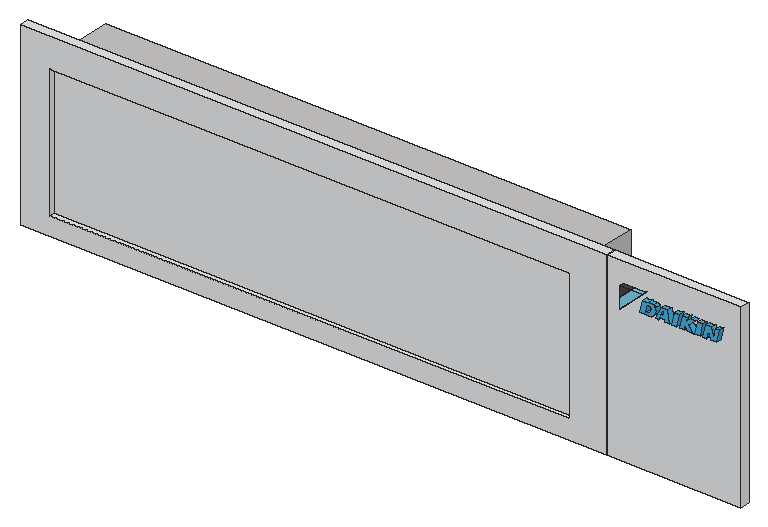
Revit family "outputfile", category 制気口, Revit 2024
Family settings
  丸型コネクタ寸法 = 直径を使用
  パーツ タイプ = 標準
  OmniClass 番号 = 23.75.70.21.27.11
  OmniClass タイトル = Diffusers, Registers, and Grilles
  作業面ベース = いいえ
  常に垂直 = はい
  ロード時にボイドで切り取り = いいえ
  注釈の向きを維持 = いいえ
  共有 = いいえ
  部屋計算ポイント = いいえ
Parameters (values of type "FPDAQ25APVM")
  Description = ""
  製造元 = "Daikin"
  書き出し IFC クラス(タイプ) = "IfcAirTerminalType"
  Default Elevation = 0 mm
  定義済み IFC タイプ(タイプ) = "GRILLE"
  Cost = 0
  モデル = "FPDAQ25APVM"
  Type Comments = ""
  Keynote = ""
  Type Image = (empty or 0)
  Assembly Code = ""
  Width = 722 mm
  Version = "ver.1.0"
  Unit Type = "3D Air Flow Ceiling Mounted Duct Type"
  Unit Designation [instance] = ""
  Uniclass2015Version = "Products v1.35"
  Uniclass2015Title = "Air grilles"
  Uniclass2015Code = "Pr_70_65_04_03"
  URL = ""
  Series = "VRV Fan Coil Unit"
  SA Duct Size Width = 456 mm
  SA Duct Size Height = 141 mm
  Material_Grille = DAIKIN_FreshWhite_Panel_indoorunit
  IfcVersion = ""
  IfcExportType = "GRILLE"
  IfcExportAs = "IfcAirTerminalType"
  Height = 180 mm
  FCU Tag No. [instance] = ""
  Design Supply Airflow [instance] = 0.00 m³/h
  Depth = 70 mm
Reference planes
  plane 1 "Center (Front/Back)": y = 0
  plane 2: z = 90
  plane 3 "Center (Left/Right)": x = 10
  plane 4: x = 371
  plane 5: x = 237
  plane 6: x = -351
  plane 7: z = -90
  plane 8: z = -90
  plane 9: z = -75
  plane 10: x = 304
  plane 11: x = -321
  plane 12 "Center (Elevation)": z = 0
  plane 13: y = -10
  plane 14: y = -5
  plane 15: y = 60
  plane 16: z = 70.5
  plane 17: x = 205
  plane 18: z = 60
  plane 19: z = -23
  plane 20: z = -70.5
  plane 21: x = 308.5
  plane 22: x = 268
  plane 23: x = -58
Forms (mm)
  Extrusion 1, solid, material "DAIKIN_FreshWhite_Panel_indoorunit" <- "Material_Grille"
    sketch origin (10, 0, 0) x (0, 1, 0) y (0, 0, 1)
      loop
        line (0, 90) -> (-10, 90) -> (-10, -90) -> (0, -90) -> (0, 90)
    from 227 to 361
  Extrusion 2, solid, material "DAIKIN_FreshWhite_Panel_indoorunit" <- "Material_Grille"
    sketch origin (10, 0, 0) x (0, 1, 0) y (0, 0, 1)
      loop
        line (-10, 90) -> (-10, -90) -> (0, -90) -> (0, 90) -> (-10, 90)
    from -361 to 227
  Extrusion 3, void
    sketch origin (0, 0, 0) x (1, 0, 0) y (0, 0, 1)
      loop
        line (-321, 61) -> (-321, -70.5) -> (200.5, -70.5) -> (200.5, 61) -> (-321, 61)
    from 10 to 5
  Extrusion 4, solid, material "DAIKIN_GalvanizedSteel_Casing_indoorunit"
    sketch origin (0, 0, 0) x (1, 0, 0) y (0, 1, 0)
      loop
        line (-321, 60) -> (-321, 0) -> (205, 0) -> (205, 60) -> (-321, 60)
    from -70.5 to 70.5
  Extrusion 5, solid, material "DAIKIN_GalvanizedSteel_Casing_indoorunit"
    sketch origin (0, 0, 0) x (1, 0, 0) y (0, 1, 0)
      loop
        line (283.049, 33) -> (269.7, 19.651) -> (269.7, 0) -> (338.3, 0) -> (338.3, 33) -> (283.049, 33)
    from -23 to 60
Cuts and joins
  Extrusion 3 cuts Extrusion 2
  Extrusion 3 cuts Extrusion 1
Dimensions and locks
  locked: plane 2 to plane 7 at 180
  locked: plane 2 to Extrusion 3 sketch curve at 29
  locked: plane 2 to plane 9 at 165
  locked: plane 4 to plane 5 at 134
  locked: plane 11 to plane 6 at 30
  locked: plane 13 to plane 1 "Center (Front/Back)" at 10
  equal spacing: plane 13, plane 14, plane 1 "Center (Front/Back)"
  plane 6 to plane 3 "Center (Left/Right)" = 361 mm
  equal spacing: plane 4, plane 10, plane 5
  locked: plane 2 to plane 16 at 19.5
  locked: plane 17 to plane 4 at 166
  equal spacing: Extrusion 5 sketch curve, plane 10, Extrusion 5 sketch curve
  locked: Extrusion 5 sketch curve to Extrusion 5 sketch curve at 68.6
  locked: plane 1 "Center (Front/Back)" to Extrusion 5 sketch curve at 33
  plane 2 to plane 18 = 30 mm  (x2)
  locked: plane 19 to plane 8 at 67
  locked: plane 20 to plane 8 at 19.5
  "Width": plane 6 to plane 4
  "Depth": plane 15 to plane 13
  "Height": plane 2 to plane 8
  locked: plane 4 to plane 21 at 62.5
  locked: plane 22 to plane 5 at 31
  equal spacing: plane 17, plane 23, plane 11
  equal spacing: plane 4, plane 3 "Center (Left/Right)", plane 6
  aligned and locked: Extrusion 1 to plane 5
  aligned and locked: plane 4 to Extrusion 1
  aligned and locked: plane 7 to Extrusion 2 sketch curve
  aligned and locked: Extrusion 2 to Extrusion 1
  aligned and locked: Extrusion 2 to plane 6
  aligned and locked: Extrusion 3 to plane 11
  aligned and locked: Extrusion 1 sketch curve to plane 2
  aligned and locked: plane 2 to Extrusion 2 sketch curve
  aligned and locked: level to plane 12 "Center (Elevation)"
  aligned and locked: Extrusion 1 sketch curve to plane 1 "Center (Front/Back)"
  aligned and locked: plane 1 "Center (Front/Back)" to Extrusion 4 sketch curve
  aligned and locked: plane 14 to Extrusion 3
  aligned and locked: plane 1 "Center (Front/Back)" to Extrusion 2 sketch curve
  aligned and locked: plane 13 to Extrusion 2 sketch curve
  aligned and locked: Extrusion 2 to Extrusion 3
  aligned and locked: plane 13 to Extrusion 1 sketch curve
  aligned and locked: plane 15 to Extrusion 4
  aligned and locked: Extrusion 4 to cut or joined group of Extrusion 2, Extrusion 3
  aligned and locked: nested 1 to plane 16
  aligned and locked: plane 10 to nested 1
  aligned and locked: nested 1 to plane 13
  aligned and locked: plane 17 to Extrusion 4
  aligned and locked: Extrusion 5 sketch curve to plane 1 "Center (Front/Back)"
  aligned and locked: plane 18 to Extrusion 5
  aligned and locked: Extrusion 5 to plane 19
  aligned and locked: Extrusion 4 to plane 20
  aligned and locked: Extrusion 3 to Extrusion 4
  aligned and locked: Extrusion 4 to plane 16
  aligned and locked: Extrusion 1 sketch curve to plane 8
Automatic sketch dimensions
  plane 6 to Extrusion 3 sketch curve = 30 mm
  Extrusion 3 sketch curve to plane 5 = 36.5 mm
  Extrusion 4 sketch curve to plane 10 = 99 mm
  Extrusion 4 sketch curve to plane 11 = 0 mm
  Extrusion 4 sketch curve to plane 1 "Center (Front/Back)" = 60 mm
  Extrusion 5 sketch curve to Extrusion 5 sketch curve = 13.349 mm  (x2)
  plane 20 to Extrusion 3 sketch curve = 0 mm
Nested families
  nested 1: "daikin_logo_elevation_w100" at (319, -10, 45.5), type "daikin_logo_elevation_w100"
    with show_logo yes
Connectors
  hvac at (-58, 60, 0), driven by "SA Duct Size Height", driven by "SA Duct Size Width", driven by "Design Supply Airflow"
    settings: on Extrusion 4, index 1, duct flow 0.00 m³/h, flow factor 0, pres drop 0.0 Pa, loss coef 0, conn angle 0.00°, conn width 456.0 mm, conn height 141.0 mm, conn diameter 609.6 mm, duct sys type 1, conn prof type 1, flow config 1, flow direction 1, loss method 4, conn ref index -1, conn util no, is conn primary yes, conn desc "SA Duct"
Definition of nested family "daikin_logo_elevation_w100"
  Parameters (values of type "daikin_logo_elevation_w100")
    width = 100 mm
    show_logo [instance] = yes
    material = none
    height = 25 mm
    depth = 5 mm
    Default Elevation = 0 mm
  Reference planes
    plane 1 "Center (Front/Back)": y = 0
    plane 2: z = 0
    plane 3 "Center (Left/Right)": x = -15
    plane 4 "left": x = -65
    plane 5 "right": x = 35
    plane 6: y = -5
    plane 7: z = 25
  Forms (mm)
    Extrusion 1, solid
      sketch origin (0, 0, 0) x (1, 0, 0) y (0, 0, 1)
        loop
          line (-65, 25) -> (-65, 14.753) -> (-53.814, 25) -> (-65, 25)
      from 0 to 5
    Extrusion 2, solid
      sketch origin (0, 0, 0) x (1, 0, 0) y (0, 0, 1)
        loop
          line (-42.019, 25) -> (-53.814, 25) -> (-65, 14.753) -> (-65, 3.87) -> (-42.019, 25)
      from 0 to 5
    Extrusion 3, solid
      sketch origin (0, 0, 0) x (1, 0, 0) y (0, 0, 1)
        loop
          line (-35.602, 20.041) -> (-41.486, 20.041) -> (-44.428, 8.274) -> (-35.602, 8.274)
          arc (-35.602, 8.274) -> (-32.105, 8.983) -> (-29.415, 11.329) r 6.978
          arc (-29.415, 11.329) -> (-28.233, 14.382) -> (-28.637, 17.63) r 6.701
          arc (-28.637, 17.63) -> (-29.469, 18.814) -> (-30.709, 19.559) r 3.49
          arc (-30.709, 19.559) -> (-33.138, 19.976) -> (-35.602, 20.041) r 17.114
        loop
          line (-38.544, 10.627) -> (-36.191, 10.627)
          arc (-36.191, 10.627) -> (-34.383, 11.838) -> (-33.335, 13.745) r 4.6
          arc (-33.335, 13.745) -> (-33.193, 15.202) -> (-33.538, 16.625) r 4.404
          arc (-33.538, 16.625) -> (-34.051, 17.128) -> (-34.72, 17.393) r 1.818
          line (-34.72, 17.393) -> (-37.073, 17.393) -> (-38.544, 10.627)
        loop
          line (-29.13, 8.274) -> (-25.894, 8.274) -> (-24.791, 10.333) -> (-20.158, 10.333) -> (-19.717, 8.274) -> (-14.422, 8.274) -> (-16.775, 20.041) -> (-22.659, 20.041) -> (-29.13, 8.274)
        loop
          line (-23.373, 12.98) -> (-20.725, 12.98) -> (-21.482, 16.511) -> (-23.373, 12.98)
        loop
          line (-10.009, 20.041) -> (-12.951, 8.274) -> (-7.95, 8.274) -> (-5.008, 20.041) -> (-10.009, 20.041)
        loop
          line (-5.008, 8.274) -> (-0.007, 8.274) -> (0.792, 11.472) -> (3.229, 8.274) -> (9.407, 8.274) -> (4.7, 14.451) -> (11.466, 20.041) -> (6.171, 20.041) -> (2.093, 16.672) -> (2.935, 20.041) -> (-2.066, 20.041) -> (-5.008, 8.274)
        loop
          line (10.583, 8.274) -> (15.879, 8.274) -> (18.82, 20.041) -> (13.819, 20.041) -> (10.583, 8.274)
        loop
          line (18.82, 8.274) -> (22.35, 8.274) -> (24.013, 14.925) -> (26.175, 8.274) -> (32.058, 8.274) -> (35, 20.041) -> (31.47, 20.041) -> (29.679, 12.878) -> (27.351, 20.041) -> (21.762, 20.041) -> (18.82, 8.274)
      from 0 to 5
  Lines and regions (mm)
    model lines
      curve 1: line (-42.019, 0, 25) -> (-52.024, 0, 25)
      curve 2: line (-52.024, 0, 25) -> (-65, 0, 13.114)
      curve 3: line (-65, 0, 13.114) -> (-65, 0, 3.87)
      curve 4: line (-65, 0, 3.87) -> (-42.019, 0, 25)
      curve 5: line (-65, 0, 14.753) -> (-65, 0, 25)
      curve 6: line (-65, 0, 25) -> (-53.814, 0, 25)
      curve 7: line (-53.814, 0, 25) -> (-65, 0, 14.753)
      curve 8: line (-20.725, 0, 12.98) -> (-23.373, 0, 12.98)
      curve 9: line (-23.373, 0, 12.98) -> (-21.482, 0, 16.511)
      curve 10: line (-21.482, 0, 16.511) -> (-20.725, 0, 12.98)
      curve 11: line (-19.717, 0, 8.274) -> (-20.158, 0, 10.333)
      curve 12: line (-20.158, 0, 10.333) -> (-24.791, 0, 10.333)
      curve 13: line (-24.791, 0, 10.333) -> (-25.894, 0, 8.274)
      curve 14: line (-25.894, 0, 8.274) -> (-29.13, 0, 8.274)
      curve 15: line (-29.13, 0, 8.274) -> (-22.659, 0, 20.041)
      curve 16: line (-22.659, 0, 20.041) -> (-16.775, 0, 20.041)
      curve 17: line (-36.191, 0, 10.627) -> (-38.544, 0, 10.627)
      curve 18: line (-38.544, 0, 10.627) -> (-37.073, 0, 17.393)
      curve 19: line (-37.073, 0, 17.393) -> (-34.72, 0, 17.393)
      curve 20: line (-5.008, 0, 20.041) -> (-10.009, 0, 20.041)
      curve 21: line (-10.009, 0, 20.041) -> (-12.951, 0, 8.274)
      curve 22: line (-12.951, 0, 8.274) -> (-7.95, 0, 8.274)
      curve 23: line (-7.95, 0, 8.274) -> (-5.008, 0, 20.041)
      curve 24: line (24.013, 0, 14.925) -> (22.35, 0, 8.274)
      curve 25: line (22.35, 0, 8.274) -> (18.82, 0, 8.274)
      curve 26: line (18.82, 0, 8.274) -> (21.762, 0, 20.041)
      curve 27: line (21.762, 0, 20.041) -> (27.351, 0, 20.041)
      curve 28: line (27.351, 0, 20.041) -> (29.679, 0, 12.878)
      curve 29: line (29.679, 0, 12.878) -> (31.47, 0, 20.041)
      curve 30: line (31.47, 0, 20.041) -> (35, 0, 20.041)
      curve 31: line (35, 0, 20.041) -> (32.058, 0, 8.274)
      curve 32: line (32.058, 0, 8.274) -> (26.175, 0, 8.274)
      curve 33: line (26.175, 0, 8.274) -> (24.013, 0, 14.925)
      curve 34: line (-16.775, 0, 20.041) -> (-14.422, 0, 8.274)
      curve 35: line (-14.422, 0, 8.274) -> (-19.717, 0, 8.274)
      curve 36: line (-35.602, 0, 20.041) -> (-41.486, 0, 20.041)
      curve 37: line (-41.486, 0, 20.041) -> (-44.428, 0, 8.274)
      curve 38: line (-44.428, 0, 8.274) -> (-35.602, 0, 8.274)
      curve 39: line (10.583, 0, 8.274) -> (15.879, 0, 8.274)
      curve 40: line (15.879, 0, 8.274) -> (18.82, 0, 20.041)
      curve 41: line (18.82, 0, 20.041) -> (13.819, 0, 20.041)
      curve 42: line (13.819, 0, 20.041) -> (10.583, 0, 8.274)
      curve 43: line (3.229, 0, 8.274) -> (0.792, 0, 11.472)
      curve 44: line (0.792, 0, 11.472) -> (-0.007, 0, 8.274)
      curve 45: line (-0.007, 0, 8.274) -> (-5.008, 0, 8.274)
      curve 46: line (-5.008, 0, 8.274) -> (-2.066, 0, 20.041)
      curve 47: line (-2.066, 0, 20.041) -> (2.935, 0, 20.041)
      curve 48: line (2.935, 0, 20.041) -> (2.093, 0, 16.672)
      curve 49: line (2.093, 0, 16.672) -> (6.171, 0, 20.041)
      curve 50: line (6.171, 0, 20.041) -> (11.466, 0, 20.041)
      curve 51: line (11.466, 0, 20.041) -> (4.7, 0, 14.451)
      curve 52: line (4.7, 0, 14.451) -> (9.407, 0, 8.274)
      curve 53: line (9.407, 0, 8.274) -> (3.229, 0, 8.274)
      curve 54: arc (-36.191, 0, 10.627) -> (-34.383, 0, 11.838) -> (-33.335, 0, 13.745) r 4.6
      curve 55: arc (-33.335, 0, 13.745) -> (-33.193, 0, 15.202) -> (-33.538, 0, 16.625) r 4.404
      curve 56: arc (-33.538, 0, 16.625) -> (-34.051, 0, 17.128) -> (-34.72, 0, 17.393) r 1.818
      curve 57: arc (-35.602, 0, 8.274) -> (-32.105, 0, 8.983) -> (-29.415, 0, 11.329) r 6.978
      curve 58: arc (-29.415, 0, 11.329) -> (-28.233, 0, 14.382) -> (-28.637, 0, 17.63) r 6.701
      curve 59: arc (-28.637, 0, 17.63) -> (-29.469, 0, 18.814) -> (-30.709, 0, 19.559) r 3.49
      curve 60: arc (-30.709, 0, 19.559) -> (-33.138, 0, 19.976) -> (-35.602, 0, 20.041) r 17.114
  Dimensions and locks
    "width": plane 4 "left" to plane 5 "right"
    "depth": plane 6 to plane 1 "Center (Front/Back)"
    equal spacing: plane 4 "left", plane 3 "Center (Left/Right)", plane 5 "right"
    "height": plane 7 to plane 2
    aligned and locked: level to plane 2
    aligned and locked: Extrusion 1 sketch curve to plane 4 "left"
    aligned and locked: Extrusion 1 sketch curve to plane 7
    aligned and locked: plane 7 to Extrusion 2 sketch curve
    aligned and locked: plane 4 "left" to Extrusion 2 sketch curve
    aligned and locked: Extrusion 3 to plane 6
    aligned and locked: Extrusion 1 to plane 6
    aligned and locked: Extrusion 2 to plane 6
  Automatic sketch dimensions
    plane 4 "left" to curve 5 = 0 mm
    plane 4 "left" to curve 2 = 0 mm
    curve 30 to plane 5 "right" = 0 mm
    curve 5 to curve 6 = 11.186 mm
    curve 6 to curve 2 = 1.79 mm
    curve 2 to curve 37 = 7.597 mm
    curve 2 to curve 1 = 10.005 mm
    curve 1 to curve 37 = 0.534 mm
    curve 37 to curve 18 = 5.884 mm
    curve 17 to curve 54 = 0.769 mm
    curve 54 to curve 55 = 0.188 mm
    curve 54 to curve 19 = 0.702 mm
    curve 17 to curve 17 = 2.353 mm
    curve 18 to curve 36 = 1.471 mm
    curve 17 to curve 38 = 0.588 mm
    curve 55 to curve 57 = 2.392 mm
    curve 57 to curve 56 = 0.152 mm
    curve 57 to curve 58 = 0.311 mm
    curve 57 to curve 60 = 0.787 mm
    curve 56 to curve 19 = 0.322 mm
    curve 19 to curve 59 = 2.873 mm
    curve 57 to curve 15 = 6.472 mm
    curve 14 to curve 13 = 3.236 mm
    curve 13 to curve 13 = 1.103 mm
    curve 12 to curve 8 = 1.418 mm
    curve 8 to curve 16 = 0.714 mm
    curve 15 to curve 10 = 1.177 mm
    curve 8 to curve 10 = 2.648 mm
    curve 8 to curve 12 = 0.567 mm
    curve 11 to curve 35 = 0.441 mm
    curve 16 to plane 3 "Center (Left/Right)" = 1.775 mm
    plane 3 "Center (Left/Right)" to curve 35 = 0.578 mm
    curve 34 to curve 21 = 1.471 mm
    plane 3 "Center (Left/Right)" to curve 21 = 4.991 mm
    curve 21 to curve 23 = 5.001 mm
    curve 20 to curve 23 = 5.001 mm
    curve 22 to curve 45 = 2.942 mm
    curve 20 to curve 47 = 2.942 mm
    curve 45 to curve 44 = 5.001 mm
    curve 44 to curve 44 = 0.799 mm
    curve 46 to curve 49 = 4.159 mm
    curve 49 to curve 48 = 0.842 mm
    curve 44 to curve 53 = 3.236 mm
    curve 48 to curve 52 = 2.607 mm
    curve 47 to curve 49 = 3.236 mm
    curve 43 to curve 53 = 6.178 mm
    curve 52 to curve 39 = 1.177 mm
    curve 49 to curve 51 = 5.295 mm
    curve 50 to curve 41 = 2.353 mm
    curve 39 to curve 39 = 5.295 mm
    curve 41 to curve 40 = 5.001 mm
    curve 39 to curve 25 = 2.942 mm
    curve 40 to curve 26 = 2.942 mm
    curve 25 to curve 24 = 3.53 mm
    curve 26 to curve 33 = 2.251 mm
    curve 24 to curve 33 = 3.824 mm
    curve 26 to curve 27 = 5.589 mm
    curve 29 to plane 5 "right" = 5.321 mm
    curve 29 to curve 30 = 3.53 mm
    curve 31 to plane 5 "right" = 2.942 mm
    curve 60 to plane 7 = 22.055 mm
    curve 60 to curve 3 = 0.925 mm
    curve 60 to curve 37 = 5.329 mm
    curve 60 to curve 34 = 5.329 mm
    curve 32 to curve 34 = 0 mm
    curve 39 to curve 32 = 0 mm
    curve 43 to curve 39 = 0 mm
    curve 26 to curve 39 = 0 mm
    curve 23 to curve 34 = 0 mm
    curve 13 to curve 11 = 0 mm
    curve 44 to curve 43 = 0 mm
    curve 11 to curve 11 = 2.059 mm
    curve 38 to curve 17 = 2.353 mm
    curve 44 to curve 43 = 3.198 mm
    curve 31 to curve 29 = 4.604 mm
    curve 12 to curve 8 = 2.648 mm
    curve 4 to curve 2 = 9.244 mm
    curve 43 to curve 51 = 2.98 mm
    curve 2 to curve 5 = 1.639 mm
    curve 17 to curve 55 = 4.265 mm
    curve 28 to curve 24 = 2.046 mm
    curve 55 to curve 54 = 0.053 mm
    curve 55 to curve 58 = 0.311 mm
    curve 58 to curve 57 = 0.037 mm
    curve 57 to curve 56 = 0.364 mm
    curve 58 to curve 59 = 1.057 mm
    curve 8 to curve 9 = 3.53 mm
    curve 51 to curve 48 = 2.22 mm
    curve 54 to curve 18 = 2.447 mm
    curve 22 to curve 21 = 11.767 mm
    curve 46 to curve 20 = 0 mm
    curve 24 to curve 26 = 5.116 mm
    curve 49 to curve 47 = 0 mm
    curve 42 to curve 50 = 0 mm
    curve 9 to curve 16 = 3.53 mm
    curve 29 to curve 27 = 0 mm
    curve 18 to curve 37 = 2.648 mm
    curve 36 to curve 6 = 4.959 mm
    curve 36 to curve 4 = 4.959 mm
    curve 19 to curve 55 = 1.182 mm
    curve 59 to curve 60 = 1.138 mm
    curve 58 to curve 14 = 0.285 mm
    Extrusion 1 sketch curve to plane 4 "left" = 11.186 mm
    Extrusion 1 sketch curve to plane 7 = 10.247 mm
    Extrusion 2 sketch curve to plane 4 "left" = 22.981 mm
    Extrusion 2 sketch curve to plane 7 = 10.247 mm
    level to Extrusion 2 sketch curve = 3.87 mm
    Extrusion 2 sketch curve to plane 4 "left" = 11.186 mm
    Extrusion 3 sketch curve to plane 7 = 4.959 mm  (x5)
    Extrusion 3 sketch curve to plane 3 "Center (Left/Right)" = 20.602 mm
    level to Extrusion 3 sketch curve = 2.945 mm
    Extrusion 3 sketch curve to Extrusion 3 sketch curve = 0.787 mm  (x2)
    Extrusion 3 sketch curve to Extrusion 3 sketch curve = 5.884 mm
    Extrusion 3 sketch curve to Extrusion 3 sketch curve = 4.894 mm
    Extrusion 3 sketch curve to Extrusion 3 sketch curve = 1.138 mm
    Extrusion 3 sketch curve to Extrusion 3 sketch curve = 3.299 mm
    Extrusion 3 sketch curve to Extrusion 3 sketch curve = 2.072 mm
    Extrusion 3 sketch curve to Extrusion 3 sketch curve = 3.036 mm
    Extrusion 3 sketch curve to Extrusion 3 sketch curve = 1.057 mm
    Extrusion 3 sketch curve to Extrusion 3 sketch curve = 2.432 mm
    Extrusion 3 sketch curve to Extrusion 3 sketch curve = 0.311 mm
    Extrusion 3 sketch curve to Extrusion 3 sketch curve = 0.037 mm
    Extrusion 3 sketch curve to Extrusion 3 sketch curve = 8.825 mm
    Extrusion 3 sketch curve to plane 7 = 7.607 mm
    Extrusion 3 sketch curve to Extrusion 3 sketch curve = 1.879 mm
    Extrusion 3 sketch curve to Extrusion 3 sketch curve = 2.942 mm  (x5)
    Extrusion 3 sketch curve to Extrusion 3 sketch curve = 0.163 mm
    Extrusion 3 sketch curve to Extrusion 3 sketch curve = 0.152 mm
    Extrusion 3 sketch curve to Extrusion 3 sketch curve = 0.364 mm
    Extrusion 3 sketch curve to Extrusion 3 sketch curve = 1.182 mm
    Extrusion 3 sketch curve to Extrusion 3 sketch curve = 2.392 mm
    Extrusion 3 sketch curve to Extrusion 3 sketch curve = 0.348 mm
    Extrusion 3 sketch curve to Extrusion 3 sketch curve = 1.548 mm
    Extrusion 3 sketch curve to Extrusion 3 sketch curve = 0.188 mm
    Extrusion 3 sketch curve to Extrusion 3 sketch curve = 0.053 mm
    Extrusion 3 sketch curve to Extrusion 3 sketch curve = 2.353 mm  (x2)
    Extrusion 3 sketch curve to Extrusion 3 sketch curve = 5.979 mm
    Extrusion 3 sketch curve to Extrusion 3 sketch curve = 0.285 mm
    Extrusion 3 sketch curve to plane 3 "Center (Left/Right)" = 1.775 mm
    Extrusion 3 sketch curve to Extrusion 3 sketch curve = 3.056 mm
    plane 3 "Center (Left/Right)" to Extrusion 3 sketch curve = 0.578 mm
    Extrusion 3 sketch curve to plane 3 "Center (Left/Right)" = 4.717 mm
    Extrusion 3 sketch curve to Extrusion 3 sketch curve = 0.441 mm
    Extrusion 3 sketch curve to Extrusion 3 sketch curve = 2.059 mm  (x2)
    Extrusion 3 sketch curve to Extrusion 3 sketch curve = 4.633 mm
    Extrusion 3 sketch curve to Extrusion 3 sketch curve = 1.103 mm
    Extrusion 3 sketch curve to Extrusion 3 sketch curve = 1.177 mm  (x2)
    Extrusion 3 sketch curve to Extrusion 3 sketch curve = 3.53 mm  (x2)
    Extrusion 3 sketch curve to Extrusion 3 sketch curve = 1.418 mm
    Extrusion 3 sketch curve to Extrusion 3 sketch curve = 2.648 mm  (x2)
    plane 3 "Center (Left/Right)" to Extrusion 3 sketch curve = 4.991 mm
    Extrusion 3 sketch curve to Extrusion 3 sketch curve = 1.471 mm
    Extrusion 3 sketch curve to Extrusion 3 sketch curve = 5.001 mm  (x4)
    Extrusion 3 sketch curve to Extrusion 3 sketch curve = 0 mm  (x8)
    Extrusion 3 sketch curve to plane 7 = 8.328 mm
    Extrusion 3 sketch curve to Extrusion 3 sketch curve = 0.842 mm
    Extrusion 3 sketch curve to Extrusion 3 sketch curve = 3.236 mm  (x2)
    Extrusion 3 sketch curve to Extrusion 3 sketch curve = 5.295 mm  (x2)
    Extrusion 3 sketch curve to Extrusion 3 sketch curve = 2.607 mm
    Extrusion 3 sketch curve to Extrusion 3 sketch curve = 2.22 mm
    Extrusion 3 sketch curve to Extrusion 3 sketch curve = 4.707 mm
    Extrusion 3 sketch curve to Extrusion 3 sketch curve = 6.178 mm
    Extrusion 3 sketch curve to Extrusion 3 sketch curve = 2.436 mm
    Extrusion 3 sketch curve to Extrusion 3 sketch curve = 3.198 mm
    Extrusion 3 sketch curve to Extrusion 3 sketch curve = 5.589 mm
    Extrusion 3 sketch curve to plane 5 "right" = 5.321 mm
    Extrusion 3 sketch curve to Extrusion 3 sketch curve = 7.163 mm
    Extrusion 3 sketch curve to plane 5 "right" = 3.53 mm
    Extrusion 3 sketch curve to plane 5 "right" = 0 mm
    Extrusion 3 sketch curve to plane 5 "right" = 2.942 mm
    Extrusion 3 sketch curve to Extrusion 3 sketch curve = 4.604 mm
    Extrusion 3 sketch curve to Extrusion 3 sketch curve = 3.504 mm
    Extrusion 3 sketch curve to Extrusion 3 sketch curve = 2.251 mm
    Extrusion 3 sketch curve to Extrusion 3 sketch curve = 5.116 mm
